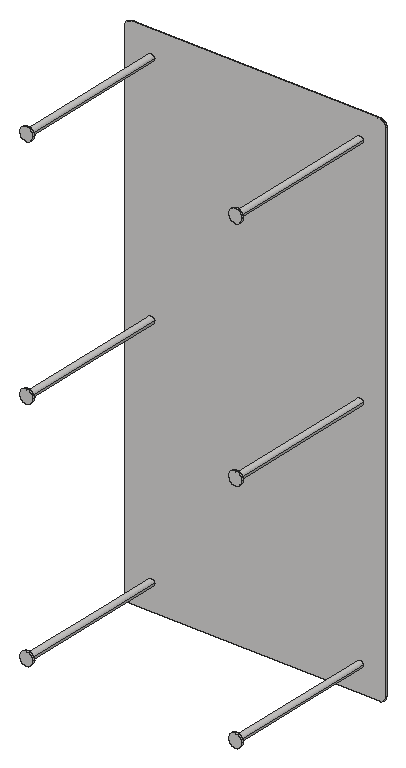
Revit family
Parameters (values of type "Wall Shower with Hot and Cold Valve")
  Width = 0' - 10"
  URL = "www.acorneng.com"
  Type Comments = "To be installed on finished wall and serviced from an accessible pipe chase.\r\nBack of Shower is provided with anchor tappings. Optional Wall Sleeve or Metal Template is\r\nrecommended for all installations for required wall openings"  # constant formula
  Thickness = 0' - 0 19/256"  # constant formula
  Surface Mounted Soap Dish = yes
  Pushbutton Offset = if(Hot and Cold Valve, 0' 2 1/2", (Width / 2))  # 0' - 2 1/2"
  Inlet = ""
  Series = "Penal Ware 1741"  # constant formula
  Revision Date = "11/19/2010"  # constant formula
  OmniClass Title = "Shower Receptors"  # constant formula
  OmniClass Number = "23.45.05.14.11.24"  # constant formula
  Model = "1741-4"
  Material = Metal-Acorn-Stainless Steel
  MasterFormat Title = "Commercial Plumbing Fixtures "  # constant formula
  MasterFormat Number = "22 42 00"  # constant formula
  Manufacturer = "Acorn Engineering Company"  # constant formula
  LEED = ""
  Hot and Cold Valve = yes
  Height = 1' - 8"  # constant formula
  Flow = 0.0 GPM
  Description = "Wall Shower"  # constant formula
  Created by = "CADdetails, Ltd."  # constant formula
  Assembly Code = "D2010"
  Architectural Design Manual = "http://www.acorneng.com/product-resources/acorn-submittals/penal-ware/1741.pdf"
Types (2): name | Width | Pushbutton Offset | Inlet | Model | Hot and Cold Valve | Flow
  Wall Shower with Single Temp Valve | 0' - 8" | 0' - 4" | ".5 Inch NPT" | "1741-3" | no | 2.5 GPM
  Wall Shower with Hot and Cold Valve | 0' - 10" | 0' - 2 1/2" | "" | "1741-4" | yes | 0.0 GPM
Reference planes (in)
  plane 1: y = 9.49277
  plane 2 "Center (Left/Right)": x = 11.19582
  plane 3 "Back": y = 12.44552
  plane 4 "Front": y = 12.51974
  plane 5 "Left": x = 6.19582
  plane 6 "Right": x = 16.19582
  plane 7 "Bottom": z = 22
  plane 8 "Height": z = 42
  plane 9 "Shower Height": z = 39.2539
  plane 10 "Ceneter Mount": z = 32
Forms (in)
  Sweep 1, solid, material "Metal-Acorn-Stainless Steel" <- "Material", detail levels fine
    path origin (0, 12.44552, 0) x (1, 0, 0) y (0, 0, 1)
      loop
        line (16.19582, 22.25) -> (16.19582, 41.75)
        arc (16.19582, 41.75) -> (16.1226, 41.92678) -> (15.94582, 42) r 0.25
        line (15.94582, 42) -> (6.44582, 42)
        arc (6.44582, 42) -> (6.26904, 41.92678) -> (6.19582, 41.75) r 0.25
        line (6.19582, 41.75) -> (6.19582, 22.25)
        arc (6.19582, 22.25) -> (6.26904, 22.07322) -> (6.44582, 22) r 0.25
        line (6.44582, 22) -> (15.94582, 22)
        arc (15.94582, 22) -> (16.1226, 22.07322) -> (16.19582, 22.25) r 0.25
    profile origin (16.19582, 12.44552, 32) x (-1, 0, 0) y (0, -1, 0)
      loop
        arc (0, 0) -> (0.02174, -0.05248) -> (0.07422, -0.07422) r 0.07422
        line (0.07422, -0.07422) -> (0.125, -0.07422) -> (0.125, 0) -> (0, 0)
  Extrusion 2, solid, material "Metal-Acorn-Stainless Steel" <- "Material", detail levels fine
    sketch origin (0, 12.44552, 0) x (1, 0, 0) y (0, 0, 1)
      loop
        arc (6.44582, 41.875) -> (6.35743, 41.83839) -> (6.32082, 41.75) r 0.125
        line (6.32082, 41.75) -> (6.32082, 22.25)
        arc (6.32082, 22.25) -> (6.35743, 22.16161) -> (6.44582, 22.125) r 0.125
        line (6.44582, 22.125) -> (15.94582, 22.125)
        arc (15.94582, 22.125) -> (16.03421, 22.16161) -> (16.07082, 22.25) r 0.125
        line (16.07082, 22.25) -> (16.07082, 41.75)
        arc (16.07082, 41.75) -> (16.03421, 41.83839) -> (15.94582, 41.875) r 0.125
        line (15.94582, 41.875) -> (6.44582, 41.875)
    from 0 to -0.07422
  Revolve 3, solid, material "Metal-Acorn-Stainless Steel-High Polished", detail levels medium+fine
    sketch origin (13.69582, 18.46773, 26.25) x (0, -1, 0) y (0, 0, 1)
      loop
        line (5.94799, 0) -> (5.44799, 0) -> (5.44799, -0.25) -> (5.82299, -0.25) -> (5.82299, -0.875) -> (5.94799, -1) -> (5.94799, 0)
      axis (5.44799, 0) -> (5.94799, 0)
    angle from 0 to 360
  Revolve 4, solid, material "Metal-Acorn-Stainless Steel-High Polished", detail levels medium+fine
    sketch origin (11.19582, 0, 3.21989) x (0, 1, 0) y (0, 0, 1)
      loop
        line (12.51974, 36.03401) -> (12.51974, 35.53401)
        arc (12.51974, 35.53401) -> (12.8733, 35.68045) -> (13.01974, 36.03401) r 0.5
        line (13.01974, 36.03401) -> (12.51974, 36.03401)
      axis (13.01974, 36.03401) -> (12.51974, 36.03401)
    angle from 0 to 360
  Revolve 5, solid, material "Metal-Acorn-Stainless Steel-High Polished", detail levels medium+fine
    sketch origin (11.19582, 0, 3.21989) x (0, 1, 0) y (0, 0, 1)
      loop
        line (12.69575, 35.72915) -> (12.55517, 35.64799) -> (12.89227, 35.06411)
        arc (12.89227, 35.06411) -> (12.94118, 35.02918) -> (13.00046, 35.03905) r 0.07853
        line (13.00046, 35.03905) -> (12.98316, 35.06901) -> (13.05346, 35.10959) -> (12.69575, 35.72915)
      axis (13.07075, 35.07963) -> (12.69575, 35.72915)
    angle from 0 to 360
  Extrusion 6, solid, material "Metal-Acorn-Stainless Steel" <- "Material", detail levels coarse+medium
    sketch origin (0, 0, 32) x (1, 0, 0) y (0, 1, 0)
      loop
        line (16.19582, 12.44552) -> (16.19582, 12.51974) -> (6.19582, 12.51974) -> (6.19582, 12.44552) -> (16.19582, 12.44552)
    from -10 to 10
  Revolve 7, solid, material "Metal-Acorn-Stainless Steel-High Polished", visible <- "Hot and Cold Valve", detail levels medium+fine
    sketch origin (8.69582, 18.46773, 26.25) x (0, -1, 0) y (0, 0, 1)
      loop
        line (5.94799, 0) -> (5.44799, 0) -> (5.44799, -0.25) -> (5.82299, -0.25) -> (5.82299, -0.875) -> (5.94799, -1) -> (5.94799, 0)
      axis (5.44799, 0) -> (5.94799, 0)
    angle from 0 to 360
  Extrusion 8, solid, material "Metal-Acorn-Stainless Steel" <- "Material", detail levels fine
    sketch origin (0, 12.51974, 0) x (-1, 0, 0) y (0, 0, 1)
      loop
        circle (-15.19582, 41) r 0.12329
      loop
        circle (-7.19582, 41) r 0.12329
      loop
        circle (-15.19582, 23) r 0.12329
      loop
        circle (-7.19582, 23) r 0.12329
      loop
        circle (-15.19582, 32) r 0.12329
      loop
        circle (-7.19582, 32) r 0.12329
    from -0.07422 to -5.97973
  Extrusion 9, solid, material "Metal-Acorn-Stainless Steel" <- "Material", detail levels fine
    sketch origin (0, 6.54001, 0) x (1, 0, 0) y (0, 0, 1)
      loop
        circle (15.19582, 41) r 0.25
      loop
        circle (7.19582, 41) r 0.25
      loop
        circle (15.19582, 23) r 0.25
      loop
        circle (7.19582, 23) r 0.25
      loop
        circle (15.19582, 32) r 0.25
      loop
        circle (7.19582, 32) r 0.25
    from 0 to 0.0625
Cuts and joins
  joined: Sweep 1, Extrusion 2
  joined: Revolve 3, Revolve 4, Revolve 5
  joined: Extrusion 8, Extrusion 9
Lines and regions (in)
  Masking region 1
    outline origin (0, 0, 32) x (1, 0, 0) y (0, 1, 0)
      loop
        line (6.19582, 12.44552) -> (16.19582, 12.44552) -> (16.19582, 12.51974) -> (6.19582, 12.51974) -> (6.19582, 12.44552)
  Masking region 2, detail levels fine
    outline origin (0, 0, 32) x (1, 0, 0) y (0, 1, 0)
      loop
        line (10.69582, 12.51974) -> (11.69582, 12.51974)
        arc (11.69582, 12.51974) -> (11.19582, 13.01974) -> (10.69582, 12.51974) r 0.5
  Masking region 3, detail levels fine
    outline origin (0, 0, 32) x (1, 0, 0) y (0, 1, 0)
      loop
        line (11.35798, 12.99272) -> (11.35798, 13.03384)
        arc (11.35798, 13.03384) -> (11.19571, 13.19611) -> (11.03344, 13.03384) r 0.16227
        line (11.03344, 13.03384) -> (11.03344, 12.99264)
        arc (11.03344, 12.99264) -> (11.1957, 13.01974) -> (11.35798, 12.99272) r 0.5
  Masking region 4, detail levels fine
    outline origin (0, 0, 32) x (1, 0, 0) y (0, 1, 0)
      loop
        line (12.69582, 12.51974) -> (14.69582, 12.51974) -> (14.57082, 12.64474) -> (13.94562, 12.64474) -> (13.94562, 13.0216) -> (13.44602, 13.0216) -> (13.44602, 12.64474) -> (12.82082, 12.64474) -> (12.69582, 12.51974)
  Masking region 5, visible <- "Hot and Cold Valve", detail levels fine
    outline origin (0, 0, 32) x (1, 0, 0) y (0, 1, 0)
      loop
        line (7.69582, 12.51974) -> (9.69582, 12.51974) -> (9.57082, 12.64474) -> (8.94582, 12.64474) -> (8.94582, 13.01974) -> (8.44582, 13.01974) -> (8.44582, 12.64474) -> (7.82082, 12.64474) -> (7.69582, 12.51974)
  Masking region 6, detail levels medium+fine
    outline origin (0, 12.51974, 0) x (-1, 0, 0) y (0, 0, 1)
      loop
        arc (-16.19582, 22.25) -> (-16.1226, 22.07322) -> (-15.94582, 22) r 0.25
        line (-15.94582, 22) -> (-6.44582, 22)
        arc (-6.44582, 22) -> (-6.26904, 22.07322) -> (-6.19582, 22.25) r 0.25
        line (-6.19582, 22.25) -> (-6.19582, 41.75)
        arc (-6.19582, 41.75) -> (-6.26904, 41.92678) -> (-6.44582, 42) r 0.25
        line (-6.44582, 42) -> (-15.94582, 42)
        arc (-15.94582, 42) -> (-16.1226, 41.92678) -> (-16.19582, 41.75) r 0.25
        line (-16.19582, 41.75) -> (-16.19582, 22.25)
  Masking region 7, detail levels fine
    outline origin (0, 12.51974, 0) x (-1, 0, 0) y (0, 0, 1)
      loop
        line (-11.35815, 38.78098) -> (-11.35815, 38.84434)
        spline (-11.35815, 38.84434) -> (-11.35262, 38.86535) -> (-11.3364, 38.88492) -> (-11.3106, 38.90173) -> (-11.27698, 38.91463) -> (-11.23783, 38.92274) -> (-11.19582, 38.92551) -> (-11.15381, 38.92274) -> (-11.11465, 38.91463) -> (-11.08104, 38.90173) -> (-11.05524, 38.88492) -> (-11.03902, 38.86535) -> (-11.03349, 38.84434)
        line (-11.03349, 38.84434) -> (-11.03349, 38.78098)
        arc (-11.03349, 38.78098) -> (-11.19582, 39.7539) -> (-11.35815, 38.78098) r 0.5
  Masking region 8, detail levels fine
    outline origin (0, 12.51974, 0) x (-1, 0, 0) y (0, 0, 1)
      loop
        arc (-11.35815, 38.40834) -> (-11.19582, 38.24602) -> (-11.03349, 38.40834) r 0.16233
        line (-11.03349, 38.40834) -> (-11.03349, 38.84434)
        spline (-11.03349, 38.84434) -> (-11.03904, 38.86537) -> (-11.05523, 38.88492) -> (-11.08108, 38.90172) -> (-11.11473, 38.91462) -> (-11.1538, 38.92274) -> (-11.19577, 38.92542) -> (-11.2378, 38.92268) -> (-11.27698, 38.91464) -> (-11.3106, 38.90173) -> (-11.3364, 38.88492) -> (-11.3526, 38.86538) -> (-11.35815, 38.84434)
        line (-11.35815, 38.84434) -> (-11.35815, 38.40834)
  Masking region 9, detail levels coarse
    outline origin (0, 12.51974, 0) x (-1, 0, 0) y (0, 0, 1)
      loop
        line (-16.19582, 42) -> (-16.19582, 22) -> (-6.19582, 22) -> (-6.19582, 42) -> (-16.19582, 42)
  Masking region 10, detail levels fine
    outline origin (0, 0, 32) x (1, 0, 0) y (0, 1, 0)
      loop
        line (7.07253, 12.44552) -> (7.07253, 6.47751) -> (7.31911, 6.47751) -> (7.31911, 12.44552) -> (7.07253, 12.44552)
      loop
        line (15.06625, 12.44552) -> (15.06625, 6.47751) -> (15.31911, 6.47751) -> (15.31911, 12.44552) -> (15.06625, 12.44552)
  Masking region 11
    outline origin (11.19582, 0, 0) x (0, 1, 0) y (0, 0, 1)
      loop
        line (12.51974, 42) -> (12.44552, 42) -> (12.44552, 22) -> (12.51974, 22) -> (12.51974, 42)
  Masking region 12, detail levels fine
    outline origin (11.19582, 0, 0) x (0, 1, 0) y (0, 0, 1)
      loop
        line (12.51974, 39.7539) -> (12.51974, 38.7539)
        arc (12.51974, 38.7539) -> (12.56791, 38.75623) -> (12.61562, 38.76318) r 0.5
        line (12.61562, 38.76318) -> (12.89227, 38.28401)
        arc (12.89227, 38.28401) -> (12.94142, 38.25015) -> (13.00046, 38.25895) r 0.08135
        line (13.00046, 38.25895) -> (13.14104, 38.34011)
        arc (13.14104, 38.34011) -> (13.18031, 38.38619) -> (13.17343, 38.44633) r 0.07597
        line (13.17343, 38.44633) -> (12.89678, 38.92551)
        arc (12.89678, 38.92551) -> (12.97482, 39.46103) -> (12.51974, 39.7539) r 0.5
  Masking region 13, detail levels fine
    outline origin (11.19582, 0, 0) x (0, 1, 0) y (0, 0, 1)
      loop
        line (12.51974, 27.25) -> (12.51974, 25.25) -> (12.64474, 25.375) -> (12.64474, 26) -> (13.01974, 26) -> (13.01974, 26.5) -> (12.64474, 26.5) -> (12.64474, 27.125) -> (12.51974, 27.25)
  Masking region 14, detail levels medium+fine
    outline origin (11.19582, 0, 0) x (0, 1, 0) y (0, 0, 1)
      loop
        line (12.44552, 41.12329) -> (6.54001, 41.12329) -> (6.54001, 40.87671) -> (12.44552, 40.87671) -> (12.44552, 41.12329)
      loop
        line (12.44552, 32.12329) -> (6.54001, 32.12329) -> (6.54001, 31.87671) -> (12.44552, 31.87671) -> (12.44552, 32.12329)
      loop
        line (12.44552, 23.12329) -> (6.54001, 23.12329) -> (6.54001, 22.87671) -> (12.44552, 22.87671) -> (12.44552, 23.12329)
  reference lines
    curve 1: line (11.19582, 34.55247, 26.25) -> (11.19582, -2.44753, 26.25)
    curve 2: line (11.19582, 15.89474, 33.40823) -> (11.19582, 12.51974, 39.2539)
    curve 3: line (13.69582, 18.46773, 26.25) -> (13.69582, 7.71773, 26.25)
    curve 4: line (8.69582, 18.46773, 26.25) -> (8.69582, 7.71773, 26.25)
  symbolic lines, detail levels fine
    curve 5: circle (13.69582, 12.51974, 26.25) r 1 normal (0, 1, 0)
    curve 6: circle (13.69582, 12.51974, 26.25) r 0.25 normal (0, -1, 0)
  symbolic lines, visible <- "Hot and Cold Valve", detail levels fine
    curve 7: circle (8.69582, 12.51974, 26.25) r 1 normal (0, 1, 0)
    curve 8: circle (8.69582, 12.51974, 26.25) r 0.25 normal (0, -1, 0)
  symbolic lines, style "PlumbingFixturesHiddenLines", detail levels coarse
    curve 9: line (16.19582, 12.51974, 22) -> (6.19582, 12.51974, 42)
    curve 10: line (6.19582, 12.51974, 22) -> (16.19582, 12.51974, 42)
Text (in)
  text "Placement side" at (-101.69378, 45.76907, 0), in view "Ref. Level"
  text "Placement side" at (0, 71.95649, 114.86954), in view "Left"
  text "Placement side" at (0, 22.13652, 151.71678), in view "Right"
Dimensions and locks (in)
  locked: plane 3 "Back" to host wall at 0
  "Width": plane 5 "Left" to plane 6 "Right"
  equal spacing: plane 5 "Left", plane 2 "Center (Left/Right)", plane 6 "Right"
  "Height": plane 8 "Height" to plane 7 "Bottom"
  "Thickness": plane 3 "Back" to plane 4 "Front"
  Sweep 1 sketch curve to profile plane to Sweep 1 sketch curve = 0' - 0 1/8" locked, 0' - 0" locked
  locked: curve 1 to plane 7 "Bottom" at 4.25
  Revolve 3 sketch curve to Revolve 3 sketch curve to Revolve 3 sketch curve to Revolve 3 sketch curve = 0' - 0 1/8" locked, 0' - 0 5/8" locked, 0' - 0 1/4" locked
  Revolve 3 sketch curve to Revolve 3 sketch curve to plane 4 "Front" = 0' - 0 3/8" locked, 0' - 0 1/8" locked
  locked: Revolve 4 sketch curve to Revolve 4 sketch curve at 0.5
  Revolve 5 sketch curve to Revolve 5 sketch curve to Revolve 5 sketch curve = 0' - 0.08116" locked, 0' - 0.08116" locked
  equal spacing: plane 7 "Bottom", plane 10 "Ceneter Mount", plane 8 "Height"
  "Pushbutton Offset": curve 3 to plane 6 "Right"
  locked: curve 4 to curve 3 at 5
  Revolve 7 sketch curve to Revolve 7 sketch curve to Revolve 7 sketch curve to Revolve 7 sketch curve = 0' - 0 1/8" locked, 0' - 0 5/8" locked, 0' - 0 1/4" locked
  Revolve 7 sketch curve to Revolve 7 sketch curve to plane 4 "Front" = 0' - 0 3/8" locked, 0' - 0 1/8" locked
  locked: Extrusion 8 sketch curve to plane 8 "Height" at 1  (x2)
  locked: plane 7 "Bottom" to Extrusion 8 sketch curve at 1  (x2)
  locked: plane 6 "Right" to Extrusion 8 sketch curve at 1  (x3)
  locked: Extrusion 8 sketch curve to plane 5 "Left" at 1  (x3)
  locked: plane 6 "Right" to Extrusion 9 sketch curve at 1  (x3)
  locked: Extrusion 9 sketch curve to plane 5 "Left" at 1  (x3)
  locked: Extrusion 9 sketch curve to plane 8 "Height" at 1  (x2)
  locked: plane 7 "Bottom" to Extrusion 9 sketch curve at 1  (x2)
  locked: Extrusion 8 to Extrusion 9 at 0.0625
  locked: Masking region 2 sketch curve to plane 2 "Center (Left/Right)" at 0.5
  Masking region 3 sketch curve to plane 2 "Center (Left/Right)" to Masking region 3 sketch curve = 0' - 0.16238" locked, 0' - 0.16216" locked
  Masking region 4 sketch curve to Masking region 4 sketch curve to plane 4 "Front" = 0' - 0.37685" locked, 0' - 0 1/8" locked
  Masking region 4 sketch curve to Masking region 4 sketch curve to Masking region 4 sketch curve to curve 3 to Masking region 4 sketch curve to Masking region 4 sketch curve to Masking region 4 sketch curve = 0' - 0 1/8" locked, 0' - 0.6252" locked, 0' - 0.2498" locked, 0' - 0.2498" locked, 0' - 0.6252" locked, 0' - 0 1/8" locked
  Masking region 5 sketch curve to Masking region 5 sketch curve to plane 4 "Front" = 0' - 0 3/8" locked, 0' - 0 1/8" locked
  Masking region 5 sketch curve to Masking region 5 sketch curve to Masking region 5 sketch curve to curve 4 to Masking region 5 sketch curve to Masking region 5 sketch curve to Masking region 5 sketch curve = 0' - 0 1/8" locked, 0' - 0 5/8" locked, 0' - 0 1/4" locked, 0' - 0 1/4" locked, 0' - 0 5/8" locked, 0' - 0 1/8" locked
  locked: nested 1 to plane 4 "Front" at 3
  Masking region 7 sketch curve to Masking region 7 sketch curve to plane 2 "Center (Left/Right)" to Masking region 7 sketch curve = 0' - 0.33767" locked, 0' - 0.16233" locked, 0' - 0.16233" locked
  Masking region 7 sketch curve to Masking region 7 sketch curve to Masking region 7 sketch curve to plane 9 "Shower Height" to Masking region 7 sketch curve = 0' - 0" locked, 0' - 0.08116" locked, 0' - 0.32839" locked, 0' - 0 1/2" locked
  Masking region 8 sketch curve to Masking region 8 sketch curve to plane 9 "Shower Height" = 0' - 0.59833" locked, 0' - 0.40956" locked
  Masking region 8 sketch curve to plane 2 "Center (Left/Right)" to Masking region 8 sketch curve = 0' - 0.16233" locked, 0' - 0.16233" locked
  locked: plane 8 "Height" to curve 10
  locked: plane 8 "Height" to curve 9
  locked: curve 9 to plane 5 "Left" at 0
  locked: plane 6 "Right" to curve 10 at 0
  locked: curve 9 to plane 7 "Bottom"
  locked: plane 6 "Right" to curve 9 at 0
  locked: curve 10 to plane 5 "Left" at 0
  locked: curve 10 to plane 7 "Bottom"
  plane 5 "Left" to Masking region 10 sketch curve to Masking region 10 sketch curve = 0' - 0.87671" locked, 0' - 0.24658" locked
  Masking region 10 sketch curve to Masking region 10 sketch curve to plane 6 "Right" = 0' - 0.25286" locked, 0' - 0.87671" locked
  Masking region 12 sketch curve to plane 9 "Shower Height" to Masking region 12 sketch curve to Masking region 12 sketch curve to Masking region 12 sketch curve to Masking region 12 sketch curve = 0' - 0 1/2", 0' - 0 1/2", 0' - 0.30757", 0' - 0.10622", 0' - 0.09206"
  Masking region 12 sketch curve to Masking region 12 sketch curve to Masking region 12 sketch curve to Masking region 12 sketch curve to Masking region 12 sketch curve to plane 4 "Front" = 0' - 0.16387" locked, 0' - 0.01928" locked, 0' - 0.10819" locked, 0' - 0.27665" locked, 0' - 0.09588" locked
  Masking region 13 sketch curve to Masking region 13 sketch curve to Masking region 13 sketch curve to curve 4 to Masking region 13 sketch curve to Masking region 13 sketch curve to Masking region 13 sketch curve = 0' - 0 1/8" locked, 0' - 0 5/8" locked, 0' - 0 1/4" locked, 0' - 0 1/4" locked, 0' - 0 5/8" locked, 0' - 0 1/8" locked
  plane 8 "Height" to Masking region 14 sketch curve to Masking region 14 sketch curve = 0' - 0.87671" locked, 0' - 0.24658" locked
  Masking region 14 sketch curve to Masking region 14 sketch curve to plane 7 "Bottom" = 0' - 0.24658" locked, 0' - 0.87671" locked
  Masking region 14 sketch curve to plane 10 "Ceneter Mount" to Masking region 14 sketch curve = 0' - 0.12329" locked, 0' - 0.12329" locked
  locked: plane 8 "Height" to plane 9 "Shower Height" at 2.7461
  plane 8 "Height" to Masking region 12 = 0' - 3.75195"
  locked: curve 2 to plane 4 "Front" (angle 30.00°)
  aligned and locked: plane 1 to host wall
  aligned and locked: plane 6 "Right" to Sweep 1 sketch curve
  aligned and locked: plane 7 "Bottom" to Sweep 1 sketch curve
  aligned and locked: plane 5 "Left" to Sweep 1 sketch curve
  aligned and locked: plane 8 "Height" to Sweep 1 sketch curve
  aligned and locked: Sweep 1 sketch curve to plane 4 "Front"
  aligned and locked: Sweep 1 sketch curve to profile plane
  aligned and locked: Extrusion 2 sketch curve to Sweep 1  (x4)
  aligned and locked: Extrusion 2 to plane 3 "Back"
  aligned and locked: plane 4 "Front" to Extrusion 2
  aligned and locked: curve 1 to Revolve 3 sketch curve
  aligned and locked: Revolve 3 sketch curve to Revolve 3 sketch curve
  aligned and locked: plane 4 "Front" to Revolve 3 sketch curve
  aligned and locked: Revolve 4 sketch curve to plane 9 "Shower Height"
  aligned and locked: plane 4 "Front" to Revolve 4 sketch curve
  aligned and locked: Revolve 4 sketch curve to Revolve 4 sketch curve
  aligned and locked: plane 4 "Front" to curve 2
  aligned and locked: Revolve 5 sketch curve to curve 2
  aligned and locked: Revolve 5 sketch curve to Revolve 5 sketch curve
  aligned and locked: Extrusion 6 sketch curve to plane 3 "Back"
  aligned and locked: Extrusion 6 sketch curve to plane 4 "Front"
  aligned and locked: Extrusion 6 sketch curve to plane 6 "Right"
  aligned and locked: Extrusion 6 sketch curve to plane 5 "Left"
  aligned and locked: Extrusion 6 to plane 7 "Bottom"
  aligned and locked: plane 8 "Height" to Extrusion 6
  aligned and locked: Revolve 7 sketch curve to Revolve 7 sketch curve
  aligned and locked: Revolve 7 sketch curve to curve 4
  aligned and locked: plane 10 "Ceneter Mount" to Extrusion 8 sketch curve  (x2)
  aligned and locked: plane 3 "Back" to Extrusion 8
  aligned and locked: host wall to Extrusion 8
  aligned and locked: plane 10 "Ceneter Mount" to Extrusion 9 sketch curve  (x2)
  aligned and locked: Extrusion 9 to Extrusion 8
  aligned and locked: plane 3 "Back" to Masking region 1 sketch curve
  aligned and locked: Masking region 1 sketch curve to plane 5 "Left"
  aligned and locked: plane 6 "Right" to Masking region 1 sketch curve
  aligned and locked: plane 4 "Front" to Masking region 1 sketch curve
  aligned and locked: Masking region 2 sketch curve to plane 4 "Front"
  aligned and locked: Masking region 3 sketch curve to Masking region 2
  aligned and locked: Masking region 4 sketch curve to plane 4 "Front"
  aligned and locked: Masking region 5 sketch curve to plane 4 "Front"
  aligned and locked: plane 2 "Center (Left/Right)" to nested 1
  aligned and locked: Masking region 6 sketch curve to plane 6 "Right"
  aligned and locked: Masking region 6 sketch curve to plane 5 "Left"
  aligned and locked: Masking region 6 sketch curve to plane 8 "Height"
  aligned and locked: Masking region 6 sketch curve to plane 7 "Bottom"
  aligned and locked: curve 5 to cut or joined group of Revolve 3, Revolve 4, Revolve 5
  aligned and locked: curve 6 to cut or joined group of Revolve 3, Revolve 4, Revolve 5
  aligned and locked: curve 7 to Revolve 7
  aligned and locked: curve 8 to Revolve 7
  aligned and locked: plane 7 "Bottom" to Masking region 9 sketch curve
  aligned and locked: Masking region 9 sketch curve to plane 8 "Height"
  aligned and locked: plane 5 "Left" to Masking region 9 sketch curve
  aligned and locked: Masking region 9 sketch curve to plane 6 "Right"
  aligned and locked: plane 3 "Back" to Masking region 10 sketch curve  (x2)
  aligned and locked: Masking region 10 sketch curve to cut or joined group of Extrusion 8, Extrusion 9  (x2)
  aligned and locked: plane 8 "Height" to Masking region 11 sketch curve
  aligned and locked: plane 3 "Back" to Masking region 11 sketch curve
  aligned and locked: plane 4 "Front" to Masking region 11 sketch curve
  aligned and locked: plane 7 "Bottom" to Masking region 11 sketch curve
  aligned and locked: plane 4 "Front" to Masking region 12 sketch curve
  aligned and locked: plane 4 "Front" to Masking region 13 sketch curve
  aligned and locked: Revolve 7 to Masking region 13 sketch curve
  aligned and locked: Masking region 13 sketch curve to Revolve 7  (x2)
  aligned and locked: plane 3 "Back" to Masking region 14 sketch curve  (x3)
  aligned and locked: cut or joined group of Extrusion 8, Extrusion 9 to Masking region 14 sketch curve  (x3)
Automatic sketch dimensions
  host wall to curve 1 = 0' - 8.98755"
  curve 2 to curve 1 = 1' - 6.65772"
  plane 5 "Left" to Sweep 1 sketch curve = 0' - 0 1/4"  (x2)
  Sweep 1 sketch curve to Sweep 1 sketch curve = 0' - 0 1/4"  (x2)
  Extrusion 2 sketch curve to Extrusion 2 sketch curve = 0' - 0 1/8"  (x4)
  Revolve 3 sketch curve to curve 3 = 1' - 2.70434"
  curve 3 to Revolve 3 sketch curve = 0' - 11.54566"
  host wall to Revolve 4 sketch curve = 2' - 2.92371"
  Revolve 4 sketch curve to Revolve 4 sketch curve = 4' - 1.96546"
  Revolve 5 sketch curve to plane 4 "Front" = 0' - 0"
  plane 4 "Front" to Revolve 5 sketch curve = 0' - 0.03543"
  plane 4 "Front" to Revolve 5 sketch curve = 0' - 0.37253"
  Revolve 5 sketch curve to Revolve 5 sketch curve = 0' - 0.06662"
  Revolve 5 sketch curve to Revolve 5 sketch curve = 0' - 0.02427"
  Revolve 5 sketch curve to Revolve 5 sketch curve = 0' - 0.01729"
  plane 10 "Ceneter Mount" to Revolve 5 sketch curve = 0' - 1.37422"
  curve 1 to curve 4 = 1' - 4.08474"
  curve 3 to curve 4 = 0' - 0"  (x2)
  curve 4 to curve 1 = 0' - 10.16526"
  Revolve 7 sketch curve to curve 4 = 1' - 2.70434"
  Revolve 7 sketch curve to Revolve 7 sketch curve = 0' - 0 1/8"
  curve 4 to Revolve 7 sketch curve = 0' - 11.54566"
  Masking region 2 sketch curve to plane 2 "Center (Left/Right)" = 0' - 0"
  Masking region 3 sketch curve to Masking region 3 sketch curve = 0' - 0.0412"
  plane 4 "Front" to Masking region 4 sketch curve = 0' - 0 1/8"
  plane 4 "Front" to Masking region 5 sketch curve = 0' - 0 1/8"
  Masking region 6 sketch curve to plane 6 "Right" = 0' - 0 1/4"  (x2)
  plane 5 "Left" to Masking region 6 sketch curve = 0' - 0 1/4"  (x2)
  Masking region 7 sketch curve to plane 2 "Center (Left/Right)" = 0' - 0"
  Masking region 12 sketch curve to Masking region 12 sketch curve = 0' - 0"
  Masking region 12 sketch curve to Masking region 12 sketch curve = 0' - 0.04068"
  Masking region 12 sketch curve to Masking region 12 sketch curve = 0' - 0.0334"
  Masking region 12 sketch curve to Masking region 12 sketch curve = 0' - 0.16233"
  Masking region 12 sketch curve to Masking region 12 sketch curve = 0' - 0.03799"
  Masking region 12 sketch curve to Masking region 12 sketch curve = 0' - 0.04539"
  curve 2 to plane 9 "Shower Height" = 0' - 0"
  radius of Extrusion 8 sketch curve = 0' - 0.12329"  (x6)
  radius of Extrusion 9 sketch curve = 0' - 0 1/4"  (x6)
Nested families (in)
  nested 1: "Notation" at (11.19582, 15.51974, 0), type "Notation", detail levels coarse
Connectors (in)
  piping at (13.69582, 12.51974, 26.25), driven by "Flow", driven by "Inlet"
    settings: on cut or joined group of Revolve 3, Revolve 4, Revolve 5, index 1
  piping at (8.69582, 12.51974, 26.25), driven by "Flow", driven by "Inlet"
    settings: on Revolve 7, index 2
Definition of nested family "Notation"
  Parameters (values of type "Notation")
    Notation = "TOILET"
  Reference planes (in)
    plane 1: y = 0
    plane 2: x = 0
  Text (in)
    label "Notation" at (0.00196, 0.00746, 0), shows "Notation"
